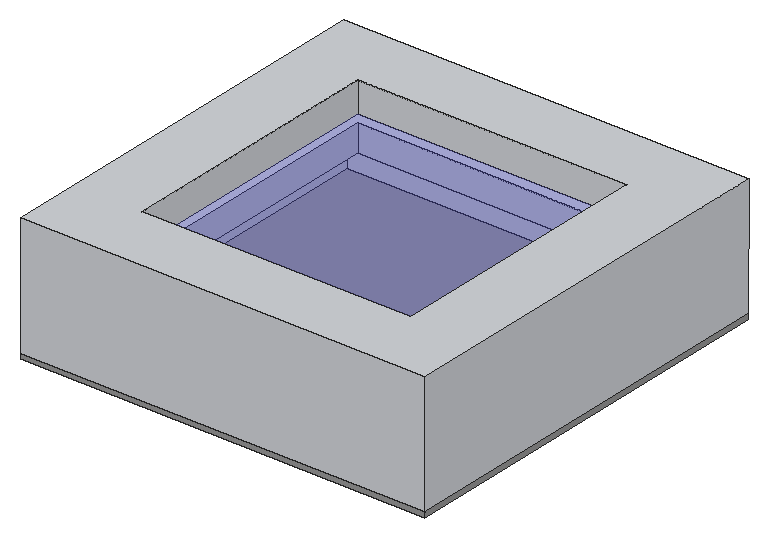
Revit family "LIGHTGLASS V2 Standalone", category Lighting Fixtures, host Face, Revit 2020
Family settings
  Host = Face
  Round Connector Dimension = Use Diameter
  Part Type = Normal
  Cut with Voids When Loaded = Yes
  Light Source = No
  Shared = No
  Room Calculation Point = No
Parameters (values of type "LIGHTGLASS - SA - 2in Frame - 12x12 (Min Size)")
  Unit Width = 1' - 0"
  Unit Height = 1' - 0"
  URL = "WWW.LIGHTGLASSLIGHTING.COM"
  Max Width = if(Unit Width > 4' 0", 4' 0", Unit Width)  # 1' - 0"
  Max Height = if(Unit Height > 8' 0", 8' 0", Unit Height)  # 1' - 0"
  Max Depth = if(Depth from Face of Finish < 0' 0 1/4", 0' 0 1/4", Depth from Face of Finish)  # 0' - 0 3/8"
  Frame Width = 0' - 2"
  Description = "AREA OF UNIT CANNOT NOT EXCEED 24 SQUARE FEET"
  Depth from Face of Finish = 0' - 0 3/8"
  Default Elevation = 4' - 0"
Types (5): name | Unit Width | Unit Height | Max Width | Max Height | Max Depth | Frame Width | Depth from Face of Finish
  (no name) | 1' - 0" | 1' - 0" | 1' - 0" | 1' - 0" | 0' - 0 3/8" | 0' - 2" | 0' - 0 3/8"
  LIGHTGLASS - SA - 1in Frame - 12x12 (Min Size) | 1' - 0" | 1' - 0" | 1' - 0" | 1' - 0" | 0' - 0 3/8" | 0' - 1" | 0' - 0 3/8"
  LIGHTGLASS - SA - 1in Frame - 72x48 (Max Size) | 3' - 6" | 6' - 0" | 3' - 6" | 6' - 0" | 0' - 1" | 0' - 1" | 0' - 1"
  LIGHTGLASS - SA - 2in Frame - 12x12 (Min Size) | 1' - 0" | 1' - 0" | 1' - 0" | 1' - 0" | 0' - 0 3/8" | 0' - 2" | 0' - 0 3/8"
  LIGHTGLASS - SA - 2in Frame - 72x48 (Max Size) | 3' - 6" | 6' - 0" | 3' - 6" | 6' - 0" | 0' - 1" | 0' - 2" | 0' - 1"
Reference planes (in)
  plane 1 "Center (Front/Back)": y = 0
  plane 2: z = 0
  plane 3 "Center (Left/Right)": x = 0
  plane 4: x = -6
  plane 5: x = 6
  plane 6: y = 6
  plane 7: y = -6
  plane 8 "REAR": z = -4.12207
  plane 9 "F.O. UNIT": z = -0.375
  plane 10: y = 4
Forms (in)
  Extrusion 1, void
    sketch origin (0, 0, 0) x (1, 0, 0) y (0, 1, 0)
      loop
        line (-6, 6) -> (-6, -6) -> (6, -6) -> (6, 6) -> (-6, 6)
    from 0 to -4.12207
  Extrusion 2, solid, material "Glass"
    sketch origin (0, 0, -0.375) x (-1, 0, 0) y (0, -1, 0)
      loop
        line (6, -6) -> (6, 6) -> (-6, 6) -> (-6, -6) -> (6, -6)
    from -0.90444 to -1.15444
  Extrusion 3, solid, material "Aluminum"
    sketch origin (0, 0, -4.12207) x (-1, 0, 0) y (0, -1, 0)
      loop
        line (6, -6) -> (6, 6) -> (-6, 6) -> (-6, -6) -> (6, -6)
    from 0 to 0.14707
  Sweep 4, solid
    path origin (0, 0, -0.375) x (-1, 0, 0) y (0, -1, 0)
      loop
        line (6, -6) -> (6, 6) -> (-6, 6) -> (-6, -6) -> (6, -6)
    profile origin (0, 6, -0.375) x (0, 1, 0) y (0, 0, 1)
      loop
        line (0, 0) -> (-2, 0) -> (-2, -0.90444) -> (-1.62375, -0.90444) -> (-1.62375, -1.15444) -> (-2, -1.15444) -> (-2, -1.9604) -> (-0.4232, -1.9604) -> (-0.4232, -3.74707) -> (0, -3.74707) -> (0, 0)
Dimensions and locks (in)
  equal spacing: plane 4, plane 3 "Center (Left/Right)", plane 5
  equal spacing: plane 6, plane 1 "Center (Front/Back)", plane 7
  "Max Width": plane 4 to plane 5
  "Max Height": plane 6 to plane 7
  "Max Depth": level to plane 9 "F.O. UNIT"
  locked: plane 9 "F.O. UNIT" to plane 8 "REAR" at 3.74707
  "Frame Width": plane 6 to plane 10
  Sweep 4 sketch curve to Sweep 4 sketch curve to Sweep 4 sketch curve to Sweep 4 sketch curve to Sweep 4 sketch curve = 0' - 0.90444" locked, 0' - 0 1/4" locked, 0' - 0.80596" locked, 0' - 1.78667" locked
  locked: Sweep 4 sketch curve to Sweep 4 sketch curve at 0.37625
  aligned and locked: plane 2 to host face
  aligned and locked: level to host face
  aligned and locked: Extrusion 1 sketch curve to plane 6
  aligned and locked: Extrusion 1 sketch curve to plane 5
  aligned and locked: plane 4 to Extrusion 1 sketch curve
  aligned and locked: Extrusion 1 sketch curve to plane 7
  aligned and locked: Extrusion 1 to plane 8 "REAR"
  aligned and locked: Extrusion 3 to plane 8 "REAR"
  aligned and locked: Extrusion 2 sketch curve to plane 5
  aligned and locked: Extrusion 2 sketch curve to plane 7
  aligned and locked: Extrusion 3 sketch curve to plane 7
  aligned and locked: Sweep 4 sketch curve to plane 7
  aligned and locked: Sweep 4 sketch curve to plane 6
  aligned and locked: Sweep 4 sketch curve to plane 10  (x2)
Automatic sketch dimensions
  host sketch curve to host sketch curve = 8' - 0"  (x2)
  Sweep 4 sketch curve to profile plane = 0' - 0"
  profile plane to Sweep 4 sketch curve = 0' - 0.4232"
  Extrusion 2 sketch curve to plane 6 = 0' - 0"
  Extrusion 3 sketch curve to plane 6 = 0' - 0"
  Extrusion 2 sketch curve to plane 4 = 0' - 0"
  Extrusion 3 sketch curve to plane 5 = 0' - 0"
  Extrusion 3 sketch curve to plane 4 = 0' - 0"
  Sweep 4 sketch curve to plane 5 = 0' - 0"
  Sweep 4 sketch curve to plane 4 = 0' - 0"
  Sweep 4 sketch curve to plane 9 "F.O. UNIT" = 0' - 0"
